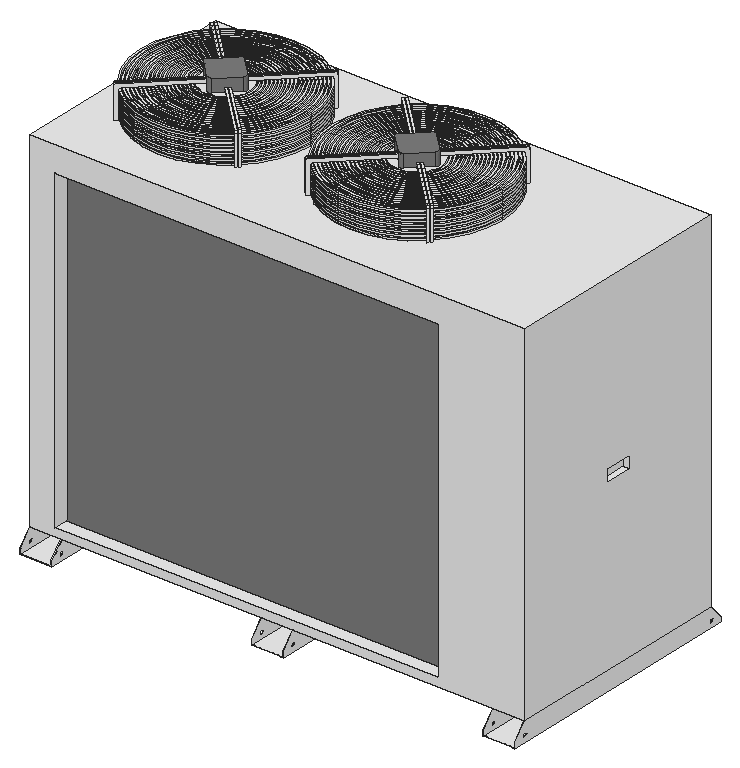
Revit family "CHP020VP", category Generic Models, Revit 2017
Family settings
  Can host rebar = No
  Round Connector Dimension = Use Diameter
  Part Type = Normal
  Work Plane-Based = No
  Always vertical = Yes
  Cut with Voids When Loaded = No
  Shared = No
  Room Calculation Point = No
Parameters
  Weight [instance] = 236.00 kg
  Refrigerant type [instance] = "R513A"
  Recovery rate at 20°C amb / 50°C rise [instance] = "344 l/hr"
  Rated Sound Power Level [instance] = "66.6 dB(A)"
  Power input [instance] = "4.7 kW"
  Model = "CHP020V / CHP020H"
  Hot water connections [instance] = "R 1.25"
  Electrical [instance] = "415 / 3 / 50"
  Cold water connection [instance] = "R 1.25"
  Coefficient of Performance (COP) [instance] = "4.25"
Reference planes
  plane 1 "Center (Front/Back)": y = 0
  plane 2: z = 0
  plane 3 "Center (Left/Right)": x = 0
Forms (mm)
  Extrusion 1, solid, material "Aluminium"
    sketch origin (0, 0, 0) x (1, 0, 0) y (0, 1, 0)
      loop
        line (0, 0) -> (1550, 0) -> (1550, 730) -> (0, 730) -> (0, 0)
    from 0 to 1100
  Extrusion 2, solid, material "Aluminium"
    sketch origin (0, 0, 1100) x (1, 0, 0) y (0, 1, 0)
      loop
        circle (905, 386.924) r 265
      loop
        circle (305, 386.924) r 265
    from 0 to 90
  Extrusion 3, solid, material "Default Floor"
    sketch origin (0, 0, 1190) x (1, 0, 0) y (0, 1, 0)
      loop
        arc (312.071, 450.564) -> (305, 453.493) -> (297.929, 450.564) r 10
        line (297.929, 450.564) -> (241.36, 393.995)
        arc (241.36, 393.995) -> (238.431, 386.924) -> (241.36, 379.853) r 10
        line (241.36, 379.853) -> (297.929, 323.284)
        arc (297.929, 323.284) -> (305, 320.355) -> (312.071, 323.284) r 10
        line (312.071, 323.284) -> (368.64, 379.853)
        arc (368.64, 379.853) -> (371.569, 386.924) -> (368.64, 393.995) r 10
        line (368.64, 393.995) -> (312.071, 450.564)
      loop
        arc (912.071, 450.564) -> (905, 453.493) -> (897.929, 450.564) r 10
        line (897.929, 450.564) -> (841.36, 393.995)
        arc (841.36, 393.995) -> (838.431, 386.924) -> (841.36, 379.853) r 10
        line (841.36, 379.853) -> (897.929, 323.284)
        arc (897.929, 323.284) -> (905, 320.355) -> (912.071, 323.284) r 10
        line (912.071, 323.284) -> (968.64, 379.853)
        arc (968.64, 379.853) -> (971.569, 386.924) -> (968.64, 393.995) r 10
        line (968.64, 393.995) -> (912.071, 450.564)
    from -5 to 35
  Extrusion 4, solid, material "Aluminium"
    sketch origin (0, 0, 0) x (0, 1, 0) y (0, 0, 1)
      loop
        line (0, 0) -> (-37.5, -45) -> (-37.5, -60) -> (767.5, -60) -> (767.5, -45) -> (730, 0) -> (0, 0)
      loop
        circle (0, -40) r 7
      loop
        circle (730, -40) r 7
    from 0 to 2
  Extrusion 5, solid, material "Aluminium"
    sketch origin (98, 0, 0) x (0, 1, 0) y (0, 0, 1)
      loop
        line (0, 0) -> (-37.5, -45) -> (-37.5, -60) -> (767.5, -60) -> (767.5, -45) -> (730, 0) -> (0, 0)
      loop
        circle (0, -40) r 7
      loop
        circle (730, -40) r 7
    from 0 to 2
  Extrusion 6, solid, material "Aluminium"
    sketch origin (0, 0, 0) x (1, 0, 0) y (0, 1, 0)
      loop
        line (2, 767.5) -> (2, -37.5) -> (98, -37.5) -> (98, 767.5) -> (2, 767.5)
    from -60 to -58
  Extrusion 7, solid, material "Aluminium"
    sketch origin (1450, 0, 0) x (0, 1, 0) y (0, 0, 1)
      loop
        line (0, 0) -> (-37.5, -45) -> (-37.5, -60) -> (767.5, -60) -> (767.5, -45) -> (730, 0) -> (0, 0)
      loop
        circle (0, -40) r 7
      loop
        circle (730, -40) r 7
    from 0 to 2
  Extrusion 8, solid, material "Aluminium"
    sketch origin (1548, 0, 0) x (0, 1, 0) y (0, 0, 1)
      loop
        line (0, 0) -> (-37.5, -45) -> (-37.5, -60) -> (767.5, -60) -> (767.5, -45) -> (730, 0) -> (0, 0)
      loop
        circle (0, -40) r 7
      loop
        circle (730, -40) r 7
    from 0 to 2
  Extrusion 9, solid, material "Aluminium"
    sketch origin (1450, 0, 0) x (1, 0, 0) y (0, 1, 0)
      loop
        line (2, 767.5) -> (2, -37.5) -> (98, -37.5) -> (98, 767.5) -> (2, 767.5)
    from -60 to -58
  Extrusion 10, solid, material "Aluminium"
    sketch origin (725, 0, 0) x (0, 1, 0) y (0, 0, 1)
      loop
        line (0, 0) -> (-37.5, -45) -> (-37.5, -60) -> (767.5, -60) -> (767.5, -45) -> (730, 0) -> (0, 0)
      loop
        circle (0, -40) r 7
      loop
        circle (730, -40) r 7
    from 0 to 2
  Extrusion 11, solid, material "Aluminium"
    sketch origin (823, 0, 0) x (0, 1, 0) y (0, 0, 1)
      loop
        line (0, 0) -> (-37.5, -45) -> (-37.5, -60) -> (767.5, -60) -> (767.5, -45) -> (730, 0) -> (0, 0)
      loop
        circle (0, -40) r 7
      loop
        circle (730, -40) r 7
    from 0 to 2
  Extrusion 12, solid, material "Aluminium"
    sketch origin (725, 0, 0) x (1, 0, 0) y (0, 1, 0)
      loop
        line (2, 767.5) -> (2, -37.5) -> (98, -37.5) -> (98, 767.5) -> (2, 767.5)
    from -60 to -58
  Extrusion 13, void
    sketch origin (0, 0, 0) x (1, 0, 0) y (0, 1, 0)
      loop
        circle (305, 386.924) r 255
      loop
        circle (305, 386.924) r 260
    from 1100 to 1190
  Extrusion 14, void
    sketch origin (0, 0, 0) x (1, 0, 0) y (0, 1, 0)
      loop
        circle (305, 386.924) r 250
      loop
        circle (305, 386.924) r 245
    from 1100 to 1190
  Extrusion 15, void
    sketch origin (0, 0, 0) x (1, 0, 0) y (0, 1, 0)
      loop
        circle (305, 386.924) r 240
      loop
        circle (305, 386.924) r 235
    from 1100 to 1190
  Extrusion 16, void
    sketch origin (0, 0, 0) x (1, 0, 0) y (0, 1, 0)
      loop
        circle (305, 386.924) r 230
      loop
        circle (305, 386.924) r 225
    from 1100 to 1190
  Extrusion 17, void
    sketch origin (0, 0, 0) x (1, 0, 0) y (0, 1, 0)
      loop
        circle (305, 386.924) r 220
      loop
        circle (305, 386.924) r 215
    from 1100 to 1190
  Extrusion 18, void
    sketch origin (0, 0, 0) x (1, 0, 0) y (0, 1, 0)
      loop
        circle (305, 386.924) r 210
      loop
        circle (305, 386.924) r 205
    from 1100 to 1190
  Extrusion 19, void
    sketch origin (0, 0, 0) x (1, 0, 0) y (0, 1, 0)
      loop
        circle (305, 386.924) r 200
      loop
        circle (305, 386.924) r 195
    from 1100 to 1190
  Extrusion 20, void
    sketch origin (0, 0, 0) x (1, 0, 0) y (0, 1, 0)
      loop
        circle (305, 386.924) r 190
      loop
        circle (305, 386.924) r 185
    from 1100 to 1190
  Extrusion 21, void
    sketch origin (0, 0, 0) x (1, 0, 0) y (0, 1, 0)
      loop
        circle (305, 386.924) r 180
      loop
        circle (305, 386.924) r 175
    from 1100 to 1190
  Extrusion 22, void
    sketch origin (0, 0, 0) x (1, 0, 0) y (0, 1, 0)
      loop
        circle (305, 386.924) r 170
      loop
        circle (305, 386.924) r 165
    from 1100 to 1190
  Extrusion 23, void
    sketch origin (0, 0, 0) x (1, 0, 0) y (0, 1, 0)
      loop
        circle (305, 386.924) r 160
      loop
        circle (305, 386.924) r 155
    from 1100 to 1190
  Extrusion 24, void
    sketch origin (0, 0, 0) x (1, 0, 0) y (0, 1, 0)
      loop
        circle (305, 386.924) r 150
      loop
        circle (305, 386.924) r 145
    from 1100 to 1190
  Extrusion 25, void
    sketch origin (0, 0, 0) x (1, 0, 0) y (0, 1, 0)
      loop
        circle (305, 386.924) r 140
      loop
        circle (305, 386.924) r 135
    from 1100 to 1190
  Extrusion 26, void
    sketch origin (0, 0, 0) x (1, 0, 0) y (0, 1, 0)
      loop
        circle (305, 386.924) r 130
      loop
        circle (305, 386.924) r 125
    from 1100 to 1190
  Extrusion 27, void
    sketch origin (0, 0, 0) x (1, 0, 0) y (0, 1, 0)
      loop
        circle (305, 386.924) r 120
      loop
        circle (305, 386.924) r 115
    from 1100 to 1190
  Extrusion 28, void
    sketch origin (0, 0, 0) x (1, 0, 0) y (0, 1, 0)
      loop
        circle (305, 386.924) r 110
      loop
        circle (305, 386.924) r 105
    from 1100 to 1190
  Extrusion 29, void
    sketch origin (0, 0, 0) x (1, 0, 0) y (0, 1, 0)
      loop
        circle (305, 386.924) r 100
      loop
        circle (305, 386.924) r 95
    from 1100 to 1190
  Extrusion 30, void
    sketch origin (0, 0, 0) x (1, 0, 0) y (0, 1, 0)
      loop
        circle (305, 386.924) r 90
      loop
        circle (305, 386.924) r 85
    from 1100 to 1190
  Extrusion 31, void
    sketch origin (0, 0, 0) x (1, 0, 0) y (0, 1, 0)
      loop
        circle (305, 386.924) r 80
      loop
        circle (305, 386.924) r 75
    from 1100 to 1190
  Extrusion 32, void
    sketch origin (600, 0, 0) x (1, 0, 0) y (0, 1, 0)
      loop
        circle (305, 386.924) r 255
      loop
        circle (305, 386.924) r 260
    from 1100 to 1190
  Extrusion 33, void
    sketch origin (600, 0, 0) x (1, 0, 0) y (0, 1, 0)
      loop
        circle (305, 386.924) r 250
      loop
        circle (305, 386.924) r 245
    from 1100 to 1190
  Extrusion 34, void
    sketch origin (600, 0, 0) x (1, 0, 0) y (0, 1, 0)
      loop
        circle (305, 386.924) r 240
      loop
        circle (305, 386.924) r 235
    from 1100 to 1190
  Extrusion 35, void
    sketch origin (600, 0, 0) x (1, 0, 0) y (0, 1, 0)
      loop
        circle (305, 386.924) r 230
      loop
        circle (305, 386.924) r 225
    from 1100 to 1190
  Extrusion 36, void
    sketch origin (600, 0, 0) x (1, 0, 0) y (0, 1, 0)
      loop
        circle (305, 386.924) r 220
      loop
        circle (305, 386.924) r 215
    from 1100 to 1190
  Extrusion 37, void
    sketch origin (600, 0, 0) x (1, 0, 0) y (0, 1, 0)
      loop
        circle (305, 386.924) r 210
      loop
        circle (305, 386.924) r 205
    from 1100 to 1190
  Extrusion 38, void
    sketch origin (600, 0, 0) x (1, 0, 0) y (0, 1, 0)
      loop
        circle (305, 386.924) r 200
      loop
        circle (305, 386.924) r 195
    from 1100 to 1190
  Extrusion 39, void
    sketch origin (600, 0, 0) x (1, 0, 0) y (0, 1, 0)
      loop
        circle (305, 386.924) r 190
      loop
        circle (305, 386.924) r 185
    from 1100 to 1190
  Extrusion 40, void
    sketch origin (600, 0, 0) x (1, 0, 0) y (0, 1, 0)
      loop
        circle (305, 386.924) r 180
      loop
        circle (305, 386.924) r 175
    from 1100 to 1190
  Extrusion 41, void
    sketch origin (600, 0, 0) x (1, 0, 0) y (0, 1, 0)
      loop
        circle (305, 386.924) r 170
      loop
        circle (305, 386.924) r 165
    from 1100 to 1190
  Extrusion 42, void
    sketch origin (600, 0, 0) x (1, 0, 0) y (0, 1, 0)
      loop
        circle (305, 386.924) r 160
      loop
        circle (305, 386.924) r 155
    from 1100 to 1190
  Extrusion 43, void
    sketch origin (600, 0, 0) x (1, 0, 0) y (0, 1, 0)
      loop
        circle (305, 386.924) r 150
      loop
        circle (305, 386.924) r 145
    from 1100 to 1190
  Extrusion 44, void
    sketch origin (600, 0, 0) x (1, 0, 0) y (0, 1, 0)
      loop
        circle (305, 386.924) r 140
      loop
        circle (305, 386.924) r 135
    from 1100 to 1190
  Extrusion 45, void
    sketch origin (600, 0, 0) x (1, 0, 0) y (0, 1, 0)
      loop
        circle (305, 386.924) r 130
      loop
        circle (305, 386.924) r 125
    from 1100 to 1190
  Extrusion 46, void
    sketch origin (600, 0, 0) x (1, 0, 0) y (0, 1, 0)
      loop
        circle (305, 386.924) r 120
      loop
        circle (305, 386.924) r 115
    from 1100 to 1190
  Extrusion 47, void
    sketch origin (600, 0, 0) x (1, 0, 0) y (0, 1, 0)
      loop
        circle (305, 386.924) r 110
      loop
        circle (305, 386.924) r 105
    from 1100 to 1190
  Extrusion 48, void
    sketch origin (600, 0, 0) x (1, 0, 0) y (0, 1, 0)
      loop
        circle (305, 386.924) r 100
      loop
        circle (305, 386.924) r 95
    from 1100 to 1190
  Extrusion 49, void
    sketch origin (600, 0, 0) x (1, 0, 0) y (0, 1, 0)
      loop
        circle (305, 386.924) r 90
      loop
        circle (305, 386.924) r 85
    from 1100 to 1190
  Extrusion 50, void
    sketch origin (600, 0, 0) x (1, 0, 0) y (0, 1, 0)
      loop
        circle (305, 386.924) r 80
      loop
        circle (305, 386.924) r 75
    from 1100 to 1190
  Extrusion 51, void
    sketch origin (0, 0, 0) x (1, 0, 0) y (0, 1, 0)
      loop
        circle (305, 386.924) r 265
    from 1105 to 1110
  Extrusion 52, void
    sketch origin (0, 0, 10) x (1, 0, 0) y (0, 1, 0)
      loop
        circle (305, 386.924) r 265
    from 1105 to 1110
  Extrusion 53, void
    sketch origin (0, 0, 20) x (1, 0, 0) y (0, 1, 0)
      loop
        circle (305, 386.924) r 265
    from 1105 to 1110
  Extrusion 54, void
    sketch origin (0, 0, 30) x (1, 0, 0) y (0, 1, 0)
      loop
        circle (305, 386.924) r 265
    from 1105 to 1110
  Extrusion 55, void
    sketch origin (0, 0, 40) x (1, 0, 0) y (0, 1, 0)
      loop
        circle (305, 386.924) r 265
    from 1105 to 1110
  Extrusion 56, void
    sketch origin (0, 0, 50) x (1, 0, 0) y (0, 1, 0)
      loop
        circle (305, 386.924) r 265
    from 1105 to 1110
  Extrusion 57, void
    sketch origin (0, 0, 60) x (1, 0, 0) y (0, 1, 0)
      loop
        circle (305, 386.924) r 265
    from 1105 to 1110
  Extrusion 58, void
    sketch origin (0, 0, 70) x (1, 0, 0) y (0, 1, 0)
      loop
        circle (305, 386.924) r 265
    from 1105 to 1110
  Extrusion 59, void
    sketch origin (0, 0, 80) x (1, 0, 0) y (0, 1, 0)
      loop
        circle (305, 386.924) r 265
    from 1105 to 1110
  Extrusion 60, void
    sketch origin (600, 0, 0) x (1, 0, 0) y (0, 1, 0)
      loop
        circle (305, 386.924) r 265
    from 1105 to 1110
  Extrusion 61, void
    sketch origin (600, 0, 10) x (1, 0, 0) y (0, 1, 0)
      loop
        circle (305, 386.924) r 265
    from 1105 to 1110
  Extrusion 62, void
    sketch origin (600, 0, 20) x (1, 0, 0) y (0, 1, 0)
      loop
        circle (305, 386.924) r 265
    from 1105 to 1110
  Extrusion 63, void
    sketch origin (600, 0, 30) x (1, 0, 0) y (0, 1, 0)
      loop
        circle (305, 386.924) r 265
    from 1105 to 1110
  Extrusion 64, void
    sketch origin (600, 0, 40) x (1, 0, 0) y (0, 1, 0)
      loop
        circle (305, 386.924) r 265
    from 1105 to 1110
  Extrusion 65, void
    sketch origin (600, 0, 50) x (1, 0, 0) y (0, 1, 0)
      loop
        circle (305, 386.924) r 265
    from 1105 to 1110
  Extrusion 66, void
    sketch origin (600, 0, 60) x (1, 0, 0) y (0, 1, 0)
      loop
        circle (305, 386.924) r 265
    from 1105 to 1110
  Extrusion 67, void
    sketch origin (600, 0, 70) x (1, 0, 0) y (0, 1, 0)
      loop
        circle (305, 386.924) r 265
    from 1105 to 1110
  Extrusion 68, void
    sketch origin (600, 0, 80) x (1, 0, 0) y (0, 1, 0)
      loop
        circle (305, 386.924) r 265
    from 1105 to 1110
  Extrusion 69, solid, material "Aluminium"
    sketch origin (622.998, 213.526, 0) x (0.706964, 0.70725, 0) y (0, 0, 1)
      loop
        line (-367.177, 1100.097) -> (-367.177, 1185.097)
        arc (-367.177, 1185.097) -> (-365.712, 1188.633) -> (-362.177, 1190.097) r 5
        line (-362.177, 1190.097) -> (-152.177, 1190.097) -> (-152.177, 1200.097) -> (-372.177, 1200.097)
        arc (-372.177, 1200.097) -> (-375.712, 1198.633) -> (-377.177, 1195.097) r 5
        line (-377.177, 1195.097) -> (-377.177, 1100.097) -> (-367.177, 1100.097)
    from -350 to -355
  Extrusion 70, solid, material "Aluminium"
    sketch origin (630.069, 206.455, 0) x (0.706964, 0.70725, 0) y (0, 0, 1)
      loop
        line (-367.177, 1100.097) -> (-367.177, 1185.097)
        arc (-367.177, 1185.097) -> (-365.712, 1188.633) -> (-362.177, 1190.097) r 5
        line (-362.177, 1190.097) -> (-152.177, 1190.097) -> (-152.177, 1200.097) -> (-372.177, 1200.097)
        arc (-372.177, 1200.097) -> (-375.712, 1198.633) -> (-377.177, 1195.097) r 5
        line (-377.177, 1195.097) -> (-377.177, 1100.097) -> (-367.177, 1100.097)
    from -350 to -355
  Extrusion 71, solid, material "Aluminium"
    sketch origin (478.398, 68.926, 0) x (-0.70725, -0.706964, 0) y (0, 0, -1)
      loop
        line (-367.177, -1100.097) -> (-377.177, -1100.097) -> (-377.177, -1195.097)
        arc (-377.177, -1195.097) -> (-375.712, -1198.633) -> (-372.177, -1200.097) r 5
        line (-372.177, -1200.097) -> (-152.177, -1200.097) -> (-152.177, -1190.097) -> (-362.177, -1190.097)
        arc (-362.177, -1190.097) -> (-365.712, -1188.633) -> (-367.177, -1185.097) r 5
        line (-367.177, -1185.097) -> (-367.177, -1100.097)
    from -350 to -355
  Extrusion 72, solid, material "Aluminium"
    sketch origin (485.469, 61.855, 0) x (-0.70725, -0.706964, 0) y (0, 0, -1)
      loop
        line (-367.177, -1100.097) -> (-377.177, -1100.097) -> (-377.177, -1195.097)
        arc (-377.177, -1195.097) -> (-375.712, -1198.633) -> (-372.177, -1200.097) r 5
        line (-372.177, -1200.097) -> (-152.177, -1200.097) -> (-152.177, -1190.097) -> (-362.177, -1190.097)
        arc (-362.177, -1190.097) -> (-365.712, -1188.633) -> (-367.177, -1185.097) r 5
        line (-367.177, -1185.097) -> (-367.177, -1100.097)
    from -350 to -355
  Extrusion 73, solid, material "Aluminium"
    sketch origin (-12.971, 213.456, 0) x (-0.707107, 0.707107, 0) y (0, 0, -1)
      loop
        line (-367.177, -1100.097) -> (-377.177, -1100.097) -> (-377.177, -1195.097)
        arc (-377.177, -1195.097) -> (-375.712, -1198.633) -> (-372.177, -1200.097) r 5
        line (-372.177, -1200.097) -> (-152.177, -1200.097) -> (-152.177, -1190.097) -> (-362.177, -1190.097)
        arc (-362.177, -1190.097) -> (-365.712, -1188.633) -> (-367.177, -1185.097) r 5
        line (-367.177, -1185.097) -> (-367.177, -1100.097)
    from -350 to -355
  Extrusion 74, solid, material "Aluminium"
    sketch origin (-20.04, 206.383, 0) x (-0.707107, 0.707107, 0) y (0, 0, -1)
      loop
        line (-367.177, -1100.097) -> (-377.177, -1100.097) -> (-377.177, -1195.097)
        arc (-377.177, -1195.097) -> (-375.712, -1198.633) -> (-372.177, -1200.097) r 5
        line (-372.177, -1200.097) -> (-152.177, -1200.097) -> (-152.177, -1190.097) -> (-362.177, -1190.097)
        arc (-362.177, -1190.097) -> (-365.712, -1188.633) -> (-367.177, -1185.097) r 5
        line (-367.177, -1185.097) -> (-367.177, -1100.097)
    from -350 to -355
  Extrusion 75, solid, material "Aluminium"
    sketch origin (131.532, 68.953, 0) x (0.707107, -0.707107, 0) y (0, 0, 1)
      loop
        line (-367.177, 1100.097) -> (-367.177, 1185.097)
        arc (-367.177, 1185.097) -> (-365.712, 1188.633) -> (-362.177, 1190.097) r 5
        line (-362.177, 1190.097) -> (-152.177, 1190.097) -> (-152.177, 1200.097) -> (-372.177, 1200.097)
        arc (-372.177, 1200.097) -> (-375.712, 1198.633) -> (-377.177, 1195.097) r 5
        line (-377.177, 1195.097) -> (-377.177, 1100.097) -> (-367.177, 1100.097)
    from -350 to -355
  Extrusion 76, solid, material "Aluminium"
    sketch origin (124.459, 61.884, 0) x (0.707107, -0.707107, 0) y (0, 0, 1)
      loop
        line (-367.177, 1100.097) -> (-367.177, 1185.097)
        arc (-367.177, 1185.097) -> (-365.712, 1188.633) -> (-362.177, 1190.097) r 5
        line (-362.177, 1190.097) -> (-152.177, 1190.097) -> (-152.177, 1200.097) -> (-372.177, 1200.097)
        arc (-372.177, 1200.097) -> (-375.712, 1198.633) -> (-377.177, 1195.097) r 5
        line (-377.177, 1195.097) -> (-377.177, 1100.097) -> (-367.177, 1100.097)
    from -350 to -355
  Extrusion 77, solid, material "Aluminium"
    sketch origin (1222.998, 213.526, 0) x (0.706964, 0.70725, 0) y (0, 0, 1)
      loop
        line (-367.177, 1100.097) -> (-367.177, 1185.097)
        arc (-367.177, 1185.097) -> (-365.712, 1188.633) -> (-362.177, 1190.097) r 5
        line (-362.177, 1190.097) -> (-152.177, 1190.097) -> (-152.177, 1200.097) -> (-372.177, 1200.097)
        arc (-372.177, 1200.097) -> (-375.712, 1198.633) -> (-377.177, 1195.097) r 5
        line (-377.177, 1195.097) -> (-377.177, 1100.097) -> (-367.177, 1100.097)
    from -350 to -355
  Extrusion 78, solid, material "Aluminium"
    sketch origin (1230.069, 206.455, 0) x (0.706964, 0.70725, 0) y (0, 0, 1)
      loop
        line (-367.177, 1100.097) -> (-367.177, 1185.097)
        arc (-367.177, 1185.097) -> (-365.712, 1188.633) -> (-362.177, 1190.097) r 5
        line (-362.177, 1190.097) -> (-152.177, 1190.097) -> (-152.177, 1200.097) -> (-372.177, 1200.097)
        arc (-372.177, 1200.097) -> (-375.712, 1198.633) -> (-377.177, 1195.097) r 5
        line (-377.177, 1195.097) -> (-377.177, 1100.097) -> (-367.177, 1100.097)
    from -350 to -355
  Extrusion 79, solid, material "Aluminium"
    sketch origin (1078.398, 68.926, 0) x (-0.70725, -0.706964, 0) y (0, 0, -1)
      loop
        line (-367.177, -1100.097) -> (-377.177, -1100.097) -> (-377.177, -1195.097)
        arc (-377.177, -1195.097) -> (-375.712, -1198.633) -> (-372.177, -1200.097) r 5
        line (-372.177, -1200.097) -> (-152.177, -1200.097) -> (-152.177, -1190.097) -> (-362.177, -1190.097)
        arc (-362.177, -1190.097) -> (-365.712, -1188.633) -> (-367.177, -1185.097) r 5
        line (-367.177, -1185.097) -> (-367.177, -1100.097)
    from -350 to -355
  Extrusion 80, solid, material "Aluminium"
    sketch origin (1085.469, 61.855, 0) x (-0.70725, -0.706964, 0) y (0, 0, -1)
      loop
        line (-367.177, -1100.097) -> (-377.177, -1100.097) -> (-377.177, -1195.097)
        arc (-377.177, -1195.097) -> (-375.712, -1198.633) -> (-372.177, -1200.097) r 5
        line (-372.177, -1200.097) -> (-152.177, -1200.097) -> (-152.177, -1190.097) -> (-362.177, -1190.097)
        arc (-362.177, -1190.097) -> (-365.712, -1188.633) -> (-367.177, -1185.097) r 5
        line (-367.177, -1185.097) -> (-367.177, -1100.097)
    from -350 to -355
  Extrusion 81, solid, material "Aluminium"
    sketch origin (587.029, 213.456, 0) x (-0.707107, 0.707107, 0) y (0, 0, -1)
      loop
        line (-367.177, -1100.097) -> (-377.177, -1100.097) -> (-377.177, -1195.097)
        arc (-377.177, -1195.097) -> (-375.712, -1198.633) -> (-372.177, -1200.097) r 5
        line (-372.177, -1200.097) -> (-152.177, -1200.097) -> (-152.177, -1190.097) -> (-362.177, -1190.097)
        arc (-362.177, -1190.097) -> (-365.712, -1188.633) -> (-367.177, -1185.097) r 5
        line (-367.177, -1185.097) -> (-367.177, -1100.097)
    from -350 to -355
  Extrusion 82, solid, material "Aluminium"
    sketch origin (579.96, 206.383, 0) x (-0.707107, 0.707107, 0) y (0, 0, -1)
      loop
        line (-367.177, -1100.097) -> (-377.177, -1100.097) -> (-377.177, -1195.097)
        arc (-377.177, -1195.097) -> (-375.712, -1198.633) -> (-372.177, -1200.097) r 5
        line (-372.177, -1200.097) -> (-152.177, -1200.097) -> (-152.177, -1190.097) -> (-362.177, -1190.097)
        arc (-362.177, -1190.097) -> (-365.712, -1188.633) -> (-367.177, -1185.097) r 5
        line (-367.177, -1185.097) -> (-367.177, -1100.097)
    from -350 to -355
  Extrusion 83, solid, material "Aluminium"
    sketch origin (731.532, 68.953, 0) x (0.707107, -0.707107, 0) y (0, 0, 1)
      loop
        line (-367.177, 1100.097) -> (-367.177, 1185.097)
        arc (-367.177, 1185.097) -> (-365.712, 1188.633) -> (-362.177, 1190.097) r 5
        line (-362.177, 1190.097) -> (-152.177, 1190.097) -> (-152.177, 1200.097) -> (-372.177, 1200.097)
        arc (-372.177, 1200.097) -> (-375.712, 1198.633) -> (-377.177, 1195.097) r 5
        line (-377.177, 1195.097) -> (-377.177, 1100.097) -> (-367.177, 1100.097)
    from -350 to -355
  Extrusion 84, solid, material "Aluminium"
    sketch origin (724.459, 61.884, 0) x (0.707107, -0.707107, 0) y (0, 0, 1)
      loop
        line (-367.177, 1100.097) -> (-367.177, 1185.097)
        arc (-367.177, 1185.097) -> (-365.712, 1188.633) -> (-362.177, 1190.097) r 5
        line (-362.177, 1190.097) -> (-152.177, 1190.097) -> (-152.177, 1200.097) -> (-372.177, 1200.097)
        arc (-372.177, 1200.097) -> (-375.712, 1198.633) -> (-377.177, 1195.097) r 5
        line (-377.177, 1195.097) -> (-377.177, 1100.097) -> (-367.177, 1100.097)
    from -350 to -355
  Extrusion 85, void
    sketch origin (0, 1150, 0) x (1, 0, 0) y (0, 0, 1)
      loop
        line (80, 1020) -> (80, 25) -> (1280, 25) -> (1280, 1020) -> (80, 1020)
    from 1100 to 1150
  Extrusion 86, solid, material "Default Floor"
    sketch origin (0, 50, 0) x (1, 0, 0) y (0, 0, 1)
      loop
        line (80, 1020) -> (80, 25) -> (1280, 25) -> (1280, 1020) -> (80, 1020)
    from 0 to 5
  Extrusion 87, solid, material "Default Floor"
    sketch origin (-1577.447, 0, 0) x (0, 1, 0) y (0, 0, 1)
      loop
        circle (685, 105) r 25
      loop
        circle (685, 385) r 25
      loop
        circle (685, 385) r 20
      loop
        circle (685, 105) r 20
    from 1550 to 1585
  Extrusion 88, void
    sketch origin (455, 0, 0) x (0, 1, 0) y (0, 0, 1)
      loop
        line (410, 567.5) -> (320, 567.5) -> (320, 527.5) -> (410, 527.5) -> (410, 567.5)
    from 1075 to 1095
  Extrusion 89, void
    sketch origin (-1075, 0, 0) x (0, 1, 0) y (0, 0, 1)
      loop
        line (410, 567.5) -> (320, 567.5) -> (320, 527.5) -> (410, 527.5) -> (410, 567.5)
    from 1075 to 1095
Cuts and joins
  Extrusion 13, Extrusion 14, Extrusion 15 cuts Extrusion 4
  Extrusion 13, Extrusion 14, Extrusion 15 cuts Extrusion 5
  Extrusion 13, Extrusion 14, Extrusion 15 cuts Extrusion 6
  joined: Extrusion 4, Extrusion 5, Extrusion 6
  Extrusion 13, Extrusion 14, Extrusion 15, Extrusion 16, Extrusion 17, Extrusion 18, Extrusion 19, Extrusion 20, Extrusion 21, Extrusion 22, Extrusion 23, Extrusion 24, Extrusion 25, Extrusion 26, Extrusion 27, Extrusion 28, Extrusion 29, Extrusion 30, Extrusion 31, Extrusion 32, Extrusion 33, Extrusion 34, Extrusion 35, Extrusion 36, Extrusion 37, Extrusion 38, Extrusion 39, Extrusion 40, Extrusion 41, Extrusion 42, Extrusion 43, Extrusion 44, Extrusion 45, Extrusion 46, Extrusion 47, Extrusion 48, Extrusion 49, Extrusion 50, Extrusion 51, Extrusion 85, Extrusion 88, Extrusion 89 cuts Extrusion 1
  Extrusion 13, Extrusion 14, Extrusion 15, Extrusion 16, Extrusion 17, Extrusion 18, Extrusion 19, Extrusion 20, Extrusion 21, Extrusion 22, Extrusion 23, Extrusion 24, Extrusion 25, Extrusion 26, Extrusion 27, Extrusion 28, Extrusion 29, Extrusion 30, Extrusion 31, Extrusion 32, Extrusion 33, Extrusion 34, Extrusion 35, Extrusion 36, Extrusion 37, Extrusion 38, Extrusion 39, Extrusion 40, Extrusion 41, Extrusion 42, Extrusion 43, Extrusion 44, Extrusion 45, Extrusion 46, Extrusion 47, Extrusion 48, Extrusion 49, Extrusion 50, Extrusion 51, Extrusion 52, Extrusion 53, Extrusion 54, Extrusion 55, Extrusion 56, Extrusion 57, Extrusion 58, Extrusion 59, Extrusion 60, Extrusion 61, Extrusion 62, Extrusion 63, Extrusion 64, Extrusion 65, Extrusion 66, Extrusion 67, Extrusion 68 cuts Extrusion 2
  Extrusion 51 cuts Extrusion 3
Dimensions and locks
  aligned and locked: level to plane 2
